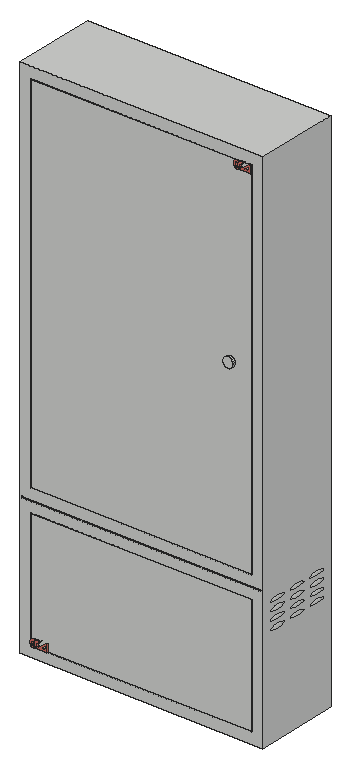
Revit family "120909-00122 Шкаф ШРП-В1600-Р-ПВТ-10 ССД", category Обобщенные модели, Revit 2019
Family settings
  Может служить основой для арматурных стержней = Нет
  Размер круглого соединителя = Использовать диаметр
  Тип детали = Нормальный
  На основе рабочей плоскости = Нет
  Всегда вертикально = Да
  При загрузке вырезать с полостями = Нет
  Общий = Нет
  Точка расчета площади = Нет
Parameters (values of type "ШРП-В/1600-Р-ПВТ-10 (160 плинтов ПВТ)")
  Толшина 5 = 5 mm  # constant formula
  Смещение от пола [instance] = 300 mm
  Описание = "Шкаф ШРП-В/1600-Р-ПВТ-10 ССД"
  Ноль = 0 mm  # constant formula
  Материал каркаса = RAL 7035
  Материал букв = Красный металл
  Видимость шпонки [instance] = if(ADSK_Размер_Глубина > 250 mm, 1 = 1, 1 = 0)  # yes
  ADSK_Этаж [instance] = ""
  ADSK_Размер_Ширина = 860 mm
  ADSK_Размер_Глубина = 300 mm
  ADSK_Размер_Высота = 1880 mm
  ADSK_Примечание [instance] = ""
  ADSK_Предел огнестойкости = ""
  ADSK_Позиция [instance] = ""
  ADSK_Обозначение = ""
  ADSK_Наименование краткое = "ШРП-В/1600-Р-ПВТ-10 (160 плинтов ПВТ)"
  ADSK_Наименование = "Шкаф ШРП-В/1600-Р-ПВТ-10 ССД"
  ADSK_Масса_Текст = "99.5"
  ADSK_Марка [instance] = ""
  ADSK_Количество [instance] = 1  # constant formula
  ADSK_Код изделия = "120909-00122"
  ADSK_Зона = ""
  ADSK_Завод-изготовитель = "АО СВЯЗЬСТРОЙДЕТАЛЬ"  # constant formula
  ADSK_Единица измерения = "шт"  # constant formula
  ADSK_URL страницы изделия = "Шкаф ШРП-В/1600-Р-ПВТ-10 ССД ( 120909-00122 ) (ssd.ru)"
  ADSK_URL документации изделия = "shr_decl_2017.pdf (ssd.ru)"
Reference planes
  plane 1 "тттт": y = 0
  plane 2: z = 0
  plane 3 "УУУУ": x = 0
  plane 4: y = 150
  plane 5 "ЕЕЕ": y = -150
  plane 6: x = 430
  plane 7: x = -430
  plane 8: z = 300
  plane 9: z = 800
  plane 10: z = 2180
  plane 11 "Внутриность": y = 146
  plane 12: y = -146
  plane 13: x = -426
  plane 14: x = 426
  plane 15 "П1": z = 761
  plane 16: z = 339
  plane 17: z = 2141
  plane 18: z = 839
  plane 19: x = -391
  plane 20: x = 391
  plane 21: z = 803.251
  plane 22: z = 796.957
  plane 23: z = 2176.047
  plane 24: z = 304
  plane 25: y = -87
  plane 26: y = 87
  plane 27 "П2": z = 750
  plane 28 "П3": z = 720
  plane 29 "П4": z = 690
  plane 30 "П5": z = 660
  plane 31: z = 1490
  plane 32: x = 315
  plane 33: y = -160
Forms (mm)
  Extrusion 1, void, not visible, detail levels fine
    sketch origin (-20, 0, 0) x (1, 0, 0) y (0, 0, 1)
      loop
        arc (-281.999, 290) -> (-261.999, 270) -> (-241.999, 290) r 20
        line (-241.999, 290) -> (-241.999, 370)
        arc (-241.999, 370) -> (-261.999, 390) -> (-281.999, 370) r 20
        line (-281.999, 370) -> (-281.999, 290)
    from 90 to 190
  Extrusion 2, void, not visible
    sketch origin (-20, 0, 225) x (1, 0, 0) y (0, 0, 1)
      loop
        circle (-261.999, 215) r 6.5
    from 90 to 190
  Extrusion 3, void, not visible, detail levels fine
    sketch origin (20, 0, 0) x (-1, 0, 0) y (0, 0, -1)
      loop
        line (-281.999, -290) -> (-281.999, -370)
        arc (-281.999, -370) -> (-261.999, -390) -> (-241.999, -370) r 20
        line (-241.999, -370) -> (-241.999, -290)
        arc (-241.999, -290) -> (-261.999, -270) -> (-281.999, -290) r 20
    from 90 to 190
  Extrusion 4, void, not visible
    sketch origin (20, 0, 225) x (-1, 0, 0) y (0, 0, -1)
      loop
        circle (-261.999, -215) r 6.5
    from 90 to 190
  Extrusion 5, void, not visible
    sketch origin (0, 0, 220) x (0, 1, 0) y (0, 0, 1)
      loop
        circle (-102, 220) r 3.036
      loop
        circle (-172.959, 220) r 3.036
      loop
        circle (-122, 237) r 3.036
      loop
        circle (-157.959, 237) r 3.036
      loop
        circle (-121.964, 203) r 3.036
      loop
        circle (-158.036, 203) r 3.036
      loop
        arc (-162.48, 75) -> (-137.48, 50) -> (-112.48, 75) r 25
        line (-112.48, 75) -> (-112.48, 145)
        arc (-112.48, 145) -> (-137.48, 170) -> (-162.48, 145) r 25
        line (-162.48, 145) -> (-162.48, 75)
    from -312 to 312
  Extrusion 6, solid, material "RAL 7035" <- "Материал каркаса", detail levels medium+fine
    sketch origin (0, 0, 0) x (1, 0, 0) y (0, 0, 1)
      loop
        line (-430, 2180) -> (-430, 300) -> (430, 300) -> (430, 2180) -> (-430, 2180)
    from -150 to -146
  Extrusion 7, solid, material "RAL 7035" <- "Материал каркаса", detail levels medium+fine
    sketch origin (0, 0, 0) x (0, 1, 0) y (0, 0, 1)
      loop
        line (-150, 2180) -> (-150, 300) -> (150, 300) -> (150, 2180) -> (-150, 2180)
    from 426 to 430
  Extrusion 8, solid, material "RAL 7035" <- "Материал каркаса", detail levels medium+fine
    sketch origin (0, 0, 0) x (0, 1, 0) y (0, 0, 1)
      loop
        line (-150, 2180) -> (-150, 300) -> (150, 300) -> (150, 2180) -> (-150, 2180)
    from -430 to -426
  Extrusion 9, solid, material "RAL 7035" <- "Материал каркаса", detail levels medium+fine
    sketch origin (0, 0, 0) x (1, 0, 0) y (0, 0, 1)
      loop
        line (-430, 2180) -> (-430, 803.251) -> (430, 803.251) -> (430, 2180) -> (-430, 2180)
      loop
        line (430, 300) -> (430, 796.957) -> (-430, 796.957) -> (-430, 300) -> (430, 300)
      loop
        line (-391, 2141) -> (-391, 839) -> (391, 839) -> (391, 2141) -> (-391, 2141)
      loop
        line (-391, 761) -> (-391, 339) -> (391, 339) -> (391, 761) -> (-391, 761)
    from 146 to 150
  Extrusion 10, solid, material "RAL 7035" <- "Материал каркаса", detail levels medium+fine
    sketch origin (0, 0, 0) x (1, 0, 0) y (0, 0, 1)
      loop
        line (-391, 2141) -> (-391, 839) -> (391, 839) -> (391, 2141) -> (-391, 2141)
      loop
        line (-391, 761) -> (-391, 339) -> (391, 339) -> (391, 761) -> (-391, 761)
    from 146 to 150
  Extrusion 11, solid, material "RAL 7035" <- "Материал каркаса", detail levels medium+fine
    sketch origin (0, 0, 0) x (1, 0, 0) y (0, 1, 0)
      loop
        line (-430, 150) -> (-430, -150) -> (430, -150) -> (430, 150) -> (-430, 150)
    from 300 to 304
  Extrusion 12, solid, material "RAL 7035" <- "Материал каркаса", detail levels medium+fine
    sketch origin (0, 0, 0) x (1, 0, 0) y (0, 1, 0)
      loop
        line (-430, 150) -> (-430, -150) -> (430, -150) -> (430, 150) -> (-430, 150)
    from 2176.047 to 2180
  Extrusion 13, solid, material "RAL 7035" <- "Материал каркаса", detail levels medium+fine
    sketch origin (0, 0, 0) x (1, 0, 0) y (0, 0, 1)
      loop
        circle (315, 1490) r 17.5
    from 150 to 160
  Extrusion 14, solid, material "RAL 7035" <- "Материал каркаса", detail levels coarse
    sketch origin (0, 0, 0) x (1, 0, 0) y (0, 1, 0)
      loop
        line (-430, 150) -> (-430, -150) -> (430, -150) -> (430, 150) -> (-430, 150)
    from 300 to 2180
Cuts and joins
  joined: Extrusion 6, Extrusion 7, Extrusion 8, Extrusion 9, Extrusion 11, Extrusion 12
Dimensions and locks
  equal spacing: plane 7, plane 3 "УУУУ", plane 6
  equal spacing: plane 5 "ЕЕЕ", plane 1 "тттт", plane 4
  "Смещение от пола": plane 2 to plane 8
  "ADSK_Размер_Ширина": plane 7 to plane 6
  "ADSK_Размер_Глубина": plane 4 to plane 5 "ЕЕЕ"
  locked: plane 9 to plane 8 at 500
  "ADSK_Размер_Высота": plane 10 to plane 8
  locked: plane 4 to plane 11 "Внутриность" at 4
  locked: plane 5 "ЕЕЕ" to plane 12 at 4
  locked: plane 7 to plane 13 at 4
  locked: plane 14 to plane 6 at 4
  locked: plane 9 to plane 15 "П1" at 39
  locked: plane 16 to plane 8 at 39
  locked: plane 18 to plane 9 at 39
  locked: plane 10 to plane 17 at 39
  locked: plane 21 to plane 9 at 3.251
  locked: plane 9 to plane 22 at 3.043
  locked: plane 10 to plane 23 at 3.953
  locked: plane 24 to plane 8 at 4
  locked: plane 5 "ЕЕЕ" to plane 25 at 63
  locked: plane 26 to plane 4 at 63
  locked: plane 27 "П2" to plane 9 at 50
  locked: plane 28 "П3" to plane 27 "П2" at 30
  locked: plane 29 "П4" to plane 28 "П3" at 30
  locked: plane 19 to plane 7 at 39
  locked: plane 20 to plane 6 at 39
  locked: plane 30 "П5" to plane 29 "П4" at 30
  equal spacing: plane 10, plane 31, plane 9
  locked: plane 6 to plane 32 at 115
  locked: plane 5 "ЕЕЕ" to plane 33 at 10
  aligned and locked: level to plane 2
  aligned and locked: plane 10 to Extrusion 6 sketch curve
  aligned and locked: plane 7 to Extrusion 6 sketch curve
  aligned and locked: Extrusion 6 sketch curve to plane 6
  aligned and locked: Extrusion 6 sketch curve to plane 8
  aligned and locked: plane 4 to Extrusion 6
  aligned and locked: Extrusion 6 to plane 11 "Внутриность"
  aligned and locked: plane 10 to Extrusion 7 sketch curve
  aligned and locked: Extrusion 7 sketch curve to plane 5 "ЕЕЕ"
  aligned and locked: Extrusion 7 sketch curve to Extrusion 6  (x2)
  aligned and locked: Extrusion 7 to plane 14
  aligned and locked: plane 6 to Extrusion 7
  aligned and locked: plane 10 to Extrusion 8 sketch curve
  aligned and locked: Extrusion 8 sketch curve to plane 5 "ЕЕЕ"
  aligned and locked: Extrusion 8 sketch curve to cut or joined group of Extrusion 6, Extrusion 7, Extrusion 8, Extrusion 9, Extrusion 11, Extrusion 12  (x2)
  aligned and locked: Extrusion 8 to plane 7
  aligned and locked: plane 13 to Extrusion 8
  aligned and locked: Extrusion 9 sketch curve to cut or joined group of Extrusion 6, Extrusion 7, Extrusion 8, Extrusion 9, Extrusion 11, Extrusion 12  (x2)
  aligned and locked: plane 17 to Extrusion 9 sketch curve
  aligned and locked: Extrusion 9 sketch curve to plane 19  (x2)
  aligned and locked: plane 18 to Extrusion 9 sketch curve
  aligned and locked: Extrusion 9 sketch curve to plane 20
  aligned and locked: plane 15 "П1" to Extrusion 9 sketch curve
  aligned and locked: Extrusion 9 sketch curve to plane 16
  aligned and locked: plane 20 to Extrusion 9 sketch curve
  aligned and locked: plane 21 to Extrusion 9 sketch curve
  aligned and locked: Extrusion 9 sketch curve to plane 22
  aligned and locked: Extrusion 9 sketch curve to plane 7
  aligned and locked: Extrusion 9 sketch curve to plane 6  (x2)
  aligned and locked: plane 7 to Extrusion 9 sketch curve
  aligned and locked: plane 12 to Extrusion 9
  aligned and locked: plane 5 "ЕЕЕ" to Extrusion 9
  aligned and locked: Extrusion 10 sketch curve to cut or joined group of Extrusion 6, Extrusion 7, Extrusion 8, Extrusion 9, Extrusion 11, Extrusion 12  (x8)
  aligned and locked: plane 12 to Extrusion 10
  aligned and locked: plane 5 "ЕЕЕ" to Extrusion 10
  aligned and locked: Extrusion 11 sketch curve to cut or joined group of Extrusion 6, Extrusion 7, Extrusion 8, Extrusion 9, Extrusion 11, Extrusion 12  (x2)
  aligned and locked: Extrusion 11 sketch curve to plane 5 "ЕЕЕ"
  aligned and locked: Extrusion 11 sketch curve to plane 6
  aligned and locked: plane 24 to Extrusion 11
  aligned and locked: plane 8 to Extrusion 11
  aligned and locked: Extrusion 12 sketch curve to plane 4
  aligned and locked: plane 7 to Extrusion 12 sketch curve
  aligned and locked: Extrusion 12 sketch curve to plane 5 "ЕЕЕ"
  aligned and locked: Extrusion 12 sketch curve to plane 6
  aligned and locked: plane 23 to Extrusion 12
  aligned and locked: Extrusion 12 to plane 10
  aligned and locked: plane 6 to cut or joined group of Extrusion 6, Extrusion 7, Extrusion 8, Extrusion 9, Extrusion 11, Extrusion 12
  aligned and locked: nested 1 to plane 25
  aligned and locked: plane 6 to nested 1
  aligned and locked: nested 2 to plane 1 "тттт"
  aligned and locked: plane 6 to nested 2
  aligned and locked: nested 3 to plane 26
  aligned and locked: plane 6 to nested 3
  aligned and locked: plane 27 "П2" to nested 3
  aligned and locked: plane 27 "П2" to nested 2
  aligned and locked: plane 27 "П2" to nested 1
  aligned and locked: plane 28 "П3" to nested 6
  aligned and locked: plane 28 "П3" to nested 5
  aligned and locked: plane 28 "П3" to nested 4
  aligned and locked: plane 29 "П4" to nested 9
  aligned and locked: plane 29 "П4" to nested 8
  aligned and locked: plane 29 "П4" to nested 7
  aligned and locked: plane 30 "П5" to nested 12
  aligned and locked: plane 30 "П5" to nested 11
  aligned and locked: plane 30 "П5" to nested 10
  aligned and locked: nested 6 to plane 26
  aligned and locked: nested 5 to plane 1 "тттт"
  aligned and locked: nested 4 to plane 25
  aligned and locked: plane 6 to nested 6
  aligned and locked: plane 6 to nested 5
  aligned and locked: plane 6 to nested 4
  aligned and locked: nested 9 to plane 26
  aligned and locked: nested 8 to plane 1 "тттт"
  aligned and locked: nested 7 to plane 25
  aligned and locked: plane 6 to nested 9
  aligned and locked: plane 6 to nested 8
  aligned and locked: plane 6 to nested 7
  aligned and locked: nested 12 to plane 26
  aligned and locked: nested 11 to plane 1 "тттт"
  aligned and locked: nested 10 to plane 25
  aligned and locked: plane 6 to nested 12
  aligned and locked: plane 6 to nested 11
  aligned and locked: plane 6 to nested 10
  aligned and locked: plane 26 to nested 15
  aligned and locked: plane 1 "тттт" to nested 14
  aligned and locked: plane 25 to nested 13
  aligned and locked: nested 13 to plane 7
  aligned and locked: nested 14 to plane 7
  aligned and locked: nested 15 to plane 7
  aligned and locked: plane 27 "П2" to nested 15
  aligned and locked: plane 27 "П2" to nested 14
  aligned and locked: plane 27 "П2" to nested 13
  aligned and locked: nested 13 to plane 27 "П2"
  aligned and locked: nested 14 to plane 27 "П2"
  aligned and locked: nested 15 to plane 27 "П2"
  aligned and locked: plane 28 "П3" to nested 16
  aligned and locked: plane 28 "П3" to nested 17
  aligned and locked: plane 28 "П3" to nested 18
  aligned and locked: plane 29 "П4" to nested 19
  aligned and locked: plane 29 "П4" to nested 20
  aligned and locked: plane 29 "П4" to nested 21
  aligned and locked: plane 30 "П5" to nested 22
  aligned and locked: plane 30 "П5" to nested 23
  aligned and locked: plane 30 "П5" to nested 24
  aligned and locked: plane 25 to nested 16
  aligned and locked: plane 1 "тттт" to nested 17
  aligned and locked: plane 26 to nested 18
  aligned and locked: nested 16 to plane 7
  aligned and locked: nested 17 to plane 7
  aligned and locked: nested 18 to plane 7
  aligned and locked: plane 26 to nested 21
  aligned and locked: nested 21 to plane 7
  aligned and locked: plane 1 "тттт" to nested 20
  aligned and locked: nested 20 to plane 7
  aligned and locked: plane 25 to nested 19
  aligned and locked: nested 19 to plane 7
  aligned and locked: plane 25 to nested 22
  aligned and locked: plane 1 "тттт" to nested 23
  aligned and locked: plane 26 to nested 24
  aligned and locked: nested 24 to plane 7
  aligned and locked: nested 23 to plane 7
  aligned and locked: nested 22 to plane 7
  aligned and locked: plane 32 to Extrusion 13 sketch curve
  aligned and locked: plane 31 to Extrusion 13 sketch curve
  aligned and locked: Extrusion 13 to plane 5 "ЕЕЕ"
  aligned and locked: Extrusion 13 to plane 33
  aligned and locked: plane 5 "ЕЕЕ" to nested 25
  aligned and locked: plane 5 "ЕЕЕ" to nested 26
  aligned and locked: nested 25 to plane 19
  aligned and locked: nested 25 to plane 16
  aligned and locked: nested 26 to plane 20
  aligned and locked: plane 17 to nested 26
  aligned and locked: Extrusion 14 sketch curve to plane 5 "ЕЕЕ"
  aligned and locked: plane 7 to Extrusion 14 sketch curve
  aligned and locked: Extrusion 14 sketch curve to plane 4
  aligned and locked: Extrusion 14 sketch curve to plane 6
  aligned and locked: Extrusion 14 to plane 10
  aligned and locked: plane 8 to Extrusion 14
  aligned and locked: plane 7 to nested 27
  aligned and locked: plane 6 to nested 27
  aligned and locked: nested 27 to plane 10
  aligned and locked: plane 8 to nested 27
Automatic sketch dimensions
  radius of Extrusion 13 sketch curve = 17.5 mm
Nested families
  nested 1: "Впадина" at (430, -87, 750) x (0, 1, 0) z (0, 0, 1), Материал <- "Материал каркаса", type "Впадина", detail levels fine
    with Материал RAL 7035
  nested 2: "Впадина" at (430, 0, 750) x (0, 1, 0) z (0, 0, 1), Материал <- "Материал каркаса", visible <- "Видимость шпонки", type "Впадина", detail levels fine
    with Материал RAL 7035
  nested 3: "Впадина" at (430, 87, 750) x (0, 1, 0) z (0, 0, 1), Материал <- "Материал каркаса", type "Впадина", detail levels fine
    with Материал RAL 7035
  nested 4: "Впадина" at (430, -87, 720) x (0, 1, 0) z (0, 0, 1), Материал <- "Материал каркаса", type "Впадина", detail levels fine
    with Материал RAL 7035
  nested 5: "Впадина" at (430, 0, 720) x (0, 1, 0) z (0, 0, 1), Материал <- "Материал каркаса", visible <- "Видимость шпонки", type "Впадина", detail levels fine
    with Материал RAL 7035
  nested 6: "Впадина" at (430, 87, 720) x (0, 1, 0) z (0, 0, 1), Материал <- "Материал каркаса", type "Впадина", detail levels fine
    with Материал RAL 7035
  nested 7: "Впадина" at (430, -87, 690) x (0, 1, 0) z (0, 0, 1), Материал <- "Материал каркаса", type "Впадина", detail levels fine
    with Материал RAL 7035
  nested 8: "Впадина" at (430, 0, 690) x (0, 1, 0) z (0, 0, 1), Материал <- "Материал каркаса", visible <- "Видимость шпонки", type "Впадина", detail levels fine
    with Материал RAL 7035
  nested 9: "Впадина" at (430, 87, 690) x (0, 1, 0) z (0, 0, 1), Материал <- "Материал каркаса", type "Впадина", detail levels fine
    with Материал RAL 7035
  nested 10: "Впадина" at (430, -87, 660) x (0, 1, 0) z (0, 0, 1), Материал <- "Материал каркаса", type "Впадина", detail levels fine
    with Материал RAL 7035
  nested 11: "Впадина" at (430, 0, 660) x (0, 1, 0) z (0, 0, 1), Материал <- "Материал каркаса", visible <- "Видимость шпонки", type "Впадина", detail levels fine
    with Материал RAL 7035
  nested 12: "Впадина" at (430, 87, 660) x (0, 1, 0) z (0, 0, 1), Материал <- "Материал каркаса", type "Впадина", detail levels fine
    with Материал RAL 7035
  nested 13: "Впадина" at (-430, -87, 750) x (0, -1, 0) z (0, 0, 1), Материал <- "Материал каркаса", type "Впадина", detail levels fine
    with Материал RAL 7035
  nested 14: "Впадина" at (-430, 0, 750) x (0, -1, 0) z (0, 0, 1), Материал <- "Материал каркаса", visible <- "Видимость шпонки", type "Впадина", detail levels fine
    with Материал RAL 7035
  nested 15: "Впадина" at (-430, 87, 750) x (0, -1, 0) z (0, 0, 1), Материал <- "Материал каркаса", type "Впадина", detail levels fine
    with Материал RAL 7035
  nested 16: "Впадина" at (-430, -87, 720) x (0, -1, 0) z (0, 0, 1), Материал <- "Материал каркаса", type "Впадина", detail levels fine
    with Материал RAL 7035
  nested 17: "Впадина" at (-430, 0, 720) x (0, -1, 0) z (0, 0, 1), Материал <- "Материал каркаса", visible <- "Видимость шпонки", type "Впадина", detail levels fine
    with Материал RAL 7035
  nested 18: "Впадина" at (-430, 87, 720) x (0, -1, 0) z (0, 0, 1), Материал <- "Материал каркаса", type "Впадина", detail levels fine
    with Материал RAL 7035
  nested 19: "Впадина" at (-430, -87, 690) x (0, -1, 0) z (0, 0, 1), Материал <- "Материал каркаса", type "Впадина", detail levels fine
    with Материал RAL 7035
  nested 20: "Впадина" at (-430, 0, 690) x (0, -1, 0) z (0, 0, 1), Материал <- "Материал каркаса", visible <- "Видимость шпонки", type "Впадина", detail levels fine
    with Материал RAL 7035
  nested 21: "Впадина" at (-430, 87, 690) x (0, -1, 0) z (0, 0, 1), Материал <- "Материал каркаса", type "Впадина", detail levels fine
    with Материал RAL 7035
  nested 22: "Впадина" at (-430, -87, 660) x (0, -1, 0) z (0, 0, 1), Материал <- "Материал каркаса", type "Впадина", detail levels fine
    with Материал RAL 7035
  nested 23: "Впадина" at (-430, 0, 660) x (0, -1, 0) z (0, 0, 1), Материал <- "Материал каркаса", visible <- "Видимость шпонки", type "Впадина", detail levels fine
    with Материал RAL 7035
  nested 24: "Впадина" at (-430, 87, 660) x (0, -1, 0) z (0, 0, 1), Материал <- "Материал каркаса", type "Впадина", detail levels fine
    with Материал RAL 7035
  nested 25: "ССД" at (-361.016, -150, 339), Материал <- "Материал букв", type "ССД", detail levels fine
    with Материал Красный металл
  nested 26: "ССД" at (361.016, -150, 2115), Материал <- "Материал букв", type "ССД", detail levels fine
    with Материал Красный металл
  nested 27: "ЭУ_Шкаф большой фасад" at (0, 0, 300) x (1, 0, 0) z (0, -1, 0), ADSK_Размер_Высота <- "ADSK_Размер_Высота", ADSK_Размер_Ширина <- "ADSK_Размер_Ширина", type "ЭУ_Шкаф большой фасад", detail levels coarse
    with ADSK_Размер_Ширина 860 mm, ADSK_Размер_Высота 1880 mm
Definition of nested family "Впадина"
  Parameters (values of type "Впадина")
    Материал [instance] = none
    ADSK_Размер_Ширина = 64 mm
  Reference planes
    plane 1 "По центру (Вперед/Назад)": y = 0
    plane 2: z = 0
    plane 3 "По центру (Влево/Вправо)": x = 0
    plane 4: y = -5
    plane 5: x = -32
    plane 6: x = 32
  Forms (mm)
    Sweep 1, solid, material <- "Материал"
      path origin (0, 0, 0) x (1, 0, 0) y (0, 1, 0)
        loop
          arc (-32, 0) -> (0, -5) -> (32, 0) r 104.9
      profile origin (0, -5, 0) x (0, 1, 0) y (0, 0, 1)
        loop
          line (0, 0) -> (1.008, 0)
          arc (1.008, 0) -> (2.037, 5.808) -> (5, 10.909) r 16.9
          line (5, 10.909) -> (5, 12)
          arc (5, 12) -> (1.3, 6.5) -> (0, 0) r 16.9
  Lines and regions (mm)
    symbolic lines
      curve 1: line (-32, 0, 0) -> (32, 0, 0)
      curve 2: line (0, 0, 0) -> (0, -5, 0)
      curve 3: line (-32, 0, 0) -> (32, 0, 0)
  Dimensions and locks
    equal spacing: plane 5, plane 3 "По центру (Влево/Вправо)", plane 6
    "ADSK_Размер_Ширина": plane 5 to plane 6
    plane 4 to plane 1 "По центру (Вперед/Назад)" = 5 mm
    aligned and locked: level to plane 2
    aligned and locked: plane 5 to Sweep 1 sketch curve
    aligned and locked: plane 1 "По центру (Вперед/Назад)" to Sweep 1 sketch curve  (x3)
    aligned and locked: plane 6 to Sweep 1 sketch curve
    aligned and locked: plane 1 "По центру (Вперед/Назад)" to curve 1
    aligned and locked: curve 2 to plane 3 "По центру (Влево/Вправо)"
    aligned and locked: curve 3 to plane 2
  Automatic sketch dimensions
    Sweep 1 sketch curve to plane 1 "По центру (Вперед/Назад)" = 99.9 mm
    Sweep 1 sketch curve to profile plane = 0 mm
    Sweep 1 sketch curve to level = 0 mm
    Sweep 1 sketch curve to Sweep 1 sketch curve = 11.9 mm
    Sweep 1 sketch curve to Sweep 1 sketch curve = 1.008 mm
    Sweep 1 sketch curve to Sweep 1 sketch curve = 1.091 mm
    curve 1 to plane 5 = 0 mm
    curve 1 to plane 6 = 0 mm
    curve 2 to plane 4 = 0 mm
    curve 3 to plane 5 = 0 mm
    curve 3 to plane 6 = 0 mm
Definition of nested family "ССД"
  Parameters (values of type "ССД")
    Материал [instance] = none
  Reference planes
    plane 1 "По центру (Вперед/Назад)": y = 0
    plane 2: z = 0
    plane 3 "По центру (Влево/Вправо)": x = 0
    plane 4: y = -5
    plane 5: z = 26
    plane 6: x = -29.984
    plane 7: x = 29.984
  Forms (mm)
    Extrusion 1, solid, material <- "Материал"
      sketch origin (-4.748, 0, -135.953) x (1, 0, 0) y (0, 0, 1)
        loop
          arc (-12.562, 161.735) -> (-25.455, 148.886) -> (-12.605, 135.993) r 12.871
          line (-12.605, 135.993) -> (-5.127, 135.993)
          arc (-5.127, 135.993) -> (-8.341, 138.928) -> (-10.997, 142.376) r 24.946
          line (-10.997, 142.376) -> (-12.584, 142.376)
          arc (-12.584, 142.376) -> (-19.072, 148.864) -> (-12.584, 155.352) r 6.488
          line (-12.584, 155.352) -> (-10.972, 155.352)
          arc (-10.972, 155.352) -> (-8.292, 158.804) -> (-5.051, 161.735) r 24.946
          line (-5.051, 161.735) -> (-12.562, 161.735)
        loop
          arc (3.387, 161.709) -> (-9.505, 148.859) -> (3.344, 135.967) r 12.871
          line (3.344, 135.967) -> (34.291, 135.915) -> (34.334, 161.666) -> (28.9, 161.666) -> (8.095, 144.25) -> (16.764, 144.25) -> (28.888, 154.399) -> (28.868, 142.307) -> (3.34, 142.35)
          arc (3.34, 142.35) -> (-3.122, 148.856) -> (3.377, 155.326) r 6.488
          line (3.377, 155.326) -> (4.978, 155.326)
          arc (4.978, 155.326) -> (7.657, 158.777) -> (10.898, 161.709) r 24.946
          line (10.898, 161.709) -> (3.387, 161.709)
      from 0 to 5
  Lines and regions (mm)
    symbolic lines
      curve 1: line (-29.984, 0, 0) -> (29.984, 0, 0)
      curve 2: line (-29.984, 0, 26) -> (29.984, 0, 26)
      curve 3: line (-29.984, 0, 0) -> (-29.984, 0, 26)
      curve 4: line (29.984, 0, 0) -> (-29.984, 0, 0)
      curve 5: line (29.984, 0, 26) -> (29.984, 0, 0)
  Dimensions and locks
    locked: plane 1 "По центру (Вперед/Назад)" to plane 4 at 5
    locked: plane 5 to plane 2 at 26
    equal spacing: plane 7, plane 3 "По центру (Влево/Вправо)", plane 6
    locked: plane 7 to plane 6 at 59.968
    aligned and locked: level to plane 2
    aligned and locked: plane 1 "По центру (Вперед/Назад)" to curve 1
    aligned and locked: Extrusion 1 to plane 4
    aligned and locked: Extrusion 1 to plane 1 "По центру (Вперед/Назад)"
    aligned and locked: curve 2 to plane 5
    aligned and locked: plane 6 to curve 3
    aligned and locked: plane 2 to curve 4
    aligned and locked: curve 5 to plane 7
  Automatic sketch dimensions
    curve 1 to plane 6 = 0 mm
    curve 1 to plane 7 = 0 mm
    Extrusion 1 sketch curve to Extrusion 1 sketch curve = 0 mm  (x6)
    Extrusion 1 sketch curve to plane 3 "По центру (Влево/Вправо)" = 17.331 mm
    Extrusion 1 sketch curve to Extrusion 1 sketch curve = 0.022 mm
    Extrusion 1 sketch curve to Extrusion 1 sketch curve = 1.587 mm
    Extrusion 1 sketch curve to Extrusion 1 sketch curve = 1.612 mm
    Extrusion 1 sketch curve to plane 3 "По центру (Влево/Вправо)" = 9.875 mm
    Extrusion 1 sketch curve to plane 3 "По центру (Влево/Вправо)" = 1.407 mm
    Extrusion 1 sketch curve to plane 3 "По центру (Влево/Вправо)" = 1.382 mm
    Extrusion 1 sketch curve to plane 3 "По центру (Влево/Вправо)" = 1.371 mm
    Extrusion 1 sketch curve to plane 3 "По центру (Влево/Вправо)" = 1.36 mm
    Extrusion 1 sketch curve to Extrusion 1 sketch curve = 1.601 mm
    Extrusion 1 sketch curve to Extrusion 1 sketch curve = 4.755 mm
    Extrusion 1 sketch curve to Extrusion 1 sketch curve = 1.902 mm
    Extrusion 1 sketch curve to Extrusion 1 sketch curve = 5.043 mm
    Extrusion 1 sketch curve to Extrusion 1 sketch curve = 0.878 mm
    Extrusion 1 sketch curve to Extrusion 1 sketch curve = 6.767 mm
    Extrusion 1 sketch curve to plane 7 = 8.785 mm
    Extrusion 1 sketch curve to plane 7 = 5.864 mm
    Extrusion 1 sketch curve to plane 7 = 5.844 mm
    Extrusion 1 sketch curve to plane 7 = 5.831 mm
    Extrusion 1 sketch curve to plane 7 = 0.44 mm
    Extrusion 1 sketch curve to plane 7 = 0.397 mm
    Extrusion 1 sketch curve to plane 5 = 26.038 mm
    Extrusion 1 sketch curve to Extrusion 1 sketch curve = 0.079 mm
    Extrusion 1 sketch curve to Extrusion 1 sketch curve = 5.898 mm
    Extrusion 1 sketch curve to Extrusion 1 sketch curve = 0.027 mm
    Extrusion 1 sketch curve to Extrusion 1 sketch curve = 0.494 mm
    Extrusion 1 sketch curve to Extrusion 1 sketch curve = 0.51 mm
    Extrusion 1 sketch curve to Extrusion 1 sketch curve = 6.383 mm
    Extrusion 1 sketch curve to Extrusion 1 sketch curve = 2.411 mm
    Extrusion 1 sketch curve to Extrusion 1 sketch curve = 6.488 mm  (x2)
    Extrusion 1 sketch curve to Extrusion 1 sketch curve = 12.092 mm
    Extrusion 1 sketch curve to Extrusion 1 sketch curve = 7.267 mm
    Extrusion 1 sketch curve to plane 3 "По центру (Влево/Вправо)" = 9.798 mm
    Extrusion 1 sketch curve to plane 3 "По центру (Влево/Вправо)" = 1.404 mm
Definition of nested family "ЭУ_Шкаф большой фасад"
  Parameters (values of type "ЭУ_Шкаф большой фасад")
    ADSK_Размер_Ширина [instance] = 640 mm
    ADSK_Размер_Высота [instance] = 1180 mm
  Reference planes
    plane 1 "По центру (Вперед/Назад)": y = 0
    plane 2: z = 0
    plane 3 "По центру (Влево/Вправо)": x = 0
    plane 4: x = -320
    plane 5: x = 320
    plane 6: y = 1180
    plane 7: y = 1141
    plane 8 "По центру (В/О": y = 39
    plane 9: x = -281
    plane 10: x = 281
    plane 11 "По центру (В/П": y = 559
    plane 12 "По центру (В/Р": y = 520
    plane 13 "По центру (В/С": y = 598
    plane 14: x = 200
    plane 15: y = 869.5
  Lines and regions (mm)
    detail lines, in view "Опорный уровень"
      curve 1: line (-320, 1180, 0) -> (320, 1180, 0)
      curve 2: line (-320, 0, 0) -> (-320, 1180, 0)
      curve 3: line (320, 0, 0) -> (-320, 0, 0)
      curve 4: line (320, 1180, 0) -> (320, 0, 0)
      curve 5: line (-281, 1141, 0) -> (281, 1141, 0)
      curve 6: line (-281, 598, 0) -> (-281, 1141, 0)
      curve 7: line (281, 598, 0) -> (-281, 598, 0)
      curve 8: line (-281, 520, 0) -> (281, 520, 0)
      curve 9: line (-281, 39, 0) -> (-281, 520, 0)
      curve 10: line (281, 39, 0) -> (-281, 39, 0)
      curve 11: line (281, 520, 0) -> (281, 39, 0)
      curve 12: circle (200, 869.5, 0) r 20 normal (0, 0, 1)
      curve 13: line (281, 1141, 0) -> (281, 598, 0)
  Dimensions and locks
    equal spacing: plane 4, plane 3 "По центру (Влево/Вправо)", plane 5
    "ADSK_Размер_Ширина": plane 4 to plane 5
    "ADSK_Размер_Высота": plane 6 to plane 1 "По центру (Вперед/Назад)"
    locked: plane 1 "По центру (Вперед/Назад)" to plane 8 "По центру (В/О" at 39
    locked: plane 6 to plane 7 at 39
    locked: plane 10 to plane 5 at 39
    locked: plane 4 to plane 9 at 39
    locked: plane 12 "По центру (В/Р" to plane 11 "По центру (В/П" at 39
    locked: plane 13 "По центру (В/С" to plane 11 "По центру (В/П" at 39
    equal spacing: plane 7, plane 15, plane 13 "По центру (В/С"
    aligned and locked: curve 1 to plane 6
    aligned and locked: plane 4 to curve 2
    aligned and locked: curve 3 to plane 1 "По центру (Вперед/Назад)"
    aligned and locked: curve 4 to plane 5
    aligned and locked: curve 5 to plane 7
    aligned and locked: plane 9 to curve 6
    aligned and locked: plane 13 "По центру (В/С" to curve 7
    aligned and locked: plane 12 "По центру (В/Р" to curve 8
    aligned and locked: plane 9 to curve 9
    aligned and locked: curve 10 to plane 8 "По центру (В/О"
    aligned and locked: plane 15 to curve 12
    aligned and locked: plane 14 to curve 12
    aligned and locked: curve 11 to plane 10
    aligned and locked: curve 13 to plane 10
  Automatic sketch dimensions
    radius of curve 12 = 20 mm
